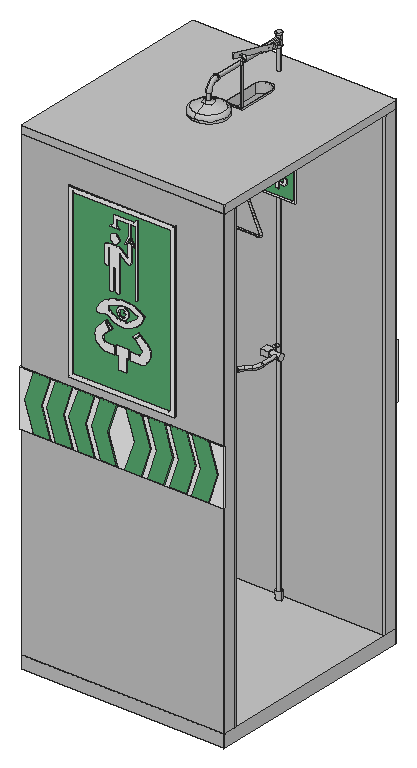
Revit family "Plumbing-Fixturse_Haws-Corporation_8606SS(Final)", category Plumbing Fixtures, Revit 2020
Family settings
  Round Connector Dimension = Use Radius
  Part Type = Normal
  OmniClass Number = 23.45.05.14.17.11
  Work Plane-Based = Yes
  Always vertical = No
  Cut with Voids When Loaded = No
  Shared = No
  Room Calculation Point = No
Parameters (values of type "8606SS")
  Width = 38 3/4"  # constant formula
  Waste Connection = 1 < 2  # yes
  WFU = 1  # constant formula
  Version = 1
  Vent Connection = 3 < 2  # no
  URL = "https://www.hawsco.com/"
  Supply Radius = 1" / 2  # 1/2"
  Sanitary Radius = 2"  # constant formula
  Housing Material = Haws Corporation - Metal - Satin Finish Stainless Steel
  Connector description [instance] = if(Inlet Bottom, "1 NPT(F) Inlet Bottom ", "1 NPT(F) Inlet Top")  # "1 NPT(F) Inlet Top"
  Connector angle [instance] = if(Inlet Bottom, 0.00°, 180.00°)  # 180.00°
  Inlet Top [instance] = not(Inlet Bottom)  # yes
  Pull Rod = Haws Corporation - Metal - High Polished Stainless Steel
  Product data url = "https://www.bimobject.com/hawscorporation/product/haws-8606SS-shower-eye-face-wash"
  Product Page URL = "https://www.hawsco.com/products/8606ss-shower-and-eye-face-wash-in-a-walk-through-stainless-steel-booth/"
  Product Documentation Link = "https://www.hawsco.com/wp-content/uploads/2023/09/8606SS_specsheet.pdf"
  Model = "8606SS"  # constant formula
  Manufacturer = "Haws Corporation"  # constant formula
  Height = 87 1/4"  # constant formula
  HWFU = 0  # constant formula
  HW Connection = 3 < 2  # no
  Flow = 20 GPM  # constant formula
  Description = "Model 8606SS combination shower and eye/face wash walk-through."  # constant formula
  Depth = 36 3/4"  # constant formula
  Default Elevation = 10"
  Date Updated = ""
  Date Created = "2023/09/20"
  Connector offset [instance] = if(Inlet Bottom, 0", 93 183/256")  # 93 183/256"
  Inlet Bottom [instance] = no
  CWFU = 1  # constant formula
  CW Connection = 1 < 2  # yes
Reference planes (in)
  plane 1 "Center (Front/Back)": y = 0
  plane 2: z = 0
  plane 3 "Center (Left/Right)": x = 0
Forms (in)
  Extrusion 1, solid, material "Haws Corporation - Metal - Satin Finish Stainless Steel" <- "Housing Material", detail levels medium+fine
    sketch origin (0, 0, 0) x (1, 0, 0) y (0, 1, 0)
      loop
        arc (-18.03202, 19.37008) -> (-18.24044, 19.28375) -> (-18.32677, 19.07532) r 0.29476
        line (-18.32677, 19.07532) -> (-18.32677, 16.98863)
        arc (-18.32677, 16.98863) -> (-18.24016, 16.77953) -> (-18.03106, 16.69291) r 0.29572
        line (-18.03106, 16.69291) -> (18.03253, 16.69291)
        arc (18.03253, 16.69291) -> (18.24059, 16.77909) -> (18.32677, 16.98715) r 0.29424
        line (18.32677, 16.98715) -> (18.32677, 19.07471)
        arc (18.32677, 19.07471) -> (18.24026, 19.28357) -> (18.03141, 19.37008) r 0.29536
        line (18.03141, 19.37008) -> (-18.03202, 19.37008)
      loop
        arc (-18.03202, -16.69291) -> (-18.24044, -16.77925) -> (-18.32677, -16.98767) r 0.29476
        line (-18.32677, -16.98767) -> (-18.32677, -19.23377)
        arc (-18.32677, -19.23377) -> (-18.28685, -19.33016) -> (-18.19047, -19.37008) r 0.13631
        line (-18.19047, -19.37008) -> (18.18912, -19.37008)
        arc (18.18912, -19.37008) -> (18.28646, -19.32976) -> (18.32677, -19.23243) r 0.13765
        line (18.32677, -19.23243) -> (18.32677, -16.98828)
        arc (18.32677, -16.98828) -> (18.24026, -16.77942) -> (18.03141, -16.69291) r 0.29536
        line (18.03141, -16.69291) -> (-18.03202, -16.69291)
    from 2.3622 to 86.24705
  Extrusion 2, solid, material "Haws Corporation - Metal - Satin Finish Stainless Steel" <- "Housing Material", detail levels medium+fine
    sketch origin (0, 0, 0) x (1, 0, 0) y (0, 1, 0)
      loop
        line (-18.32677, 19.07532) -> (-18.32677, -19.23377)
        arc (-18.32677, -19.23377) -> (-18.28685, -19.33016) -> (-18.19047, -19.37008) r 0.13631
        line (-18.19047, -19.37008) -> (18.18912, -19.37008)
        arc (18.18912, -19.37008) -> (18.28646, -19.32976) -> (18.32677, -19.23243) r 0.13765
        line (18.32677, -19.23243) -> (18.32677, 19.07471)
        arc (18.32677, 19.07471) -> (18.24026, 19.28357) -> (18.03141, 19.37008) r 0.29536
        line (18.03141, 19.37008) -> (-18.03202, 19.37008)
        arc (-18.03202, 19.37008) -> (-18.24044, 19.28375) -> (-18.32677, 19.07532) r 0.29476
    from 86.24705 to 87.625
  Extrusion 3, solid, material "Haws Corporation - Metal - Satin Finish Stainless Steel" <- "Housing Material", detail levels medium+fine
    sketch origin (0, 0, 0) x (1, 0, 0) y (0, 1, 0)
      loop
        line (-18.32677, 19.07532) -> (-18.32677, -19.23377)
        arc (-18.32677, -19.23377) -> (-18.28685, -19.33016) -> (-18.19047, -19.37008) r 0.13631
        line (-18.19047, -19.37008) -> (18.18912, -19.37008)
        arc (18.18912, -19.37008) -> (18.28646, -19.32976) -> (18.32677, -19.23243) r 0.13765
        line (18.32677, -19.23243) -> (18.32677, 19.07471)
        arc (18.32677, 19.07471) -> (18.24026, 19.28357) -> (18.03141, 19.37008) r 0.29536
        line (18.03141, 19.37008) -> (-18.03202, 19.37008)
        arc (-18.03202, 19.37008) -> (-18.24044, 19.28375) -> (-18.32677, 19.07532) r 0.29476
    from 0 to 2.3622
  Revolve 4, solid, material "Haws Corporation - Metal - Satin Finish Stainless Steel" <- "Housing Material"
    sketch origin (0, 0, 5.30217) x (0, 1, 0) y (0, 0, 1)
      loop
        line (0, 80.94488) -> (3.14961, 80.94488) -> (3.14961, 82.62897)
        arc (3.14961, 82.62897) -> (3.01499, 83.06928) -> (2.65717, 83.35904) r 0.7874
        line (2.65717, 83.35904) -> (0.91336, 84.06358)
        arc (0.91336, 84.06358) -> (0.68025, 84.25139) -> (0.59058, 84.53699) r 0.51617
        line (0.59058, 84.53699) -> (0, 84.53699) -> (0, 80.94488)
      axis (0, 84.53699) -> (0, 80.94488)
    angle from 0 to 360
  Extrusion 5, void
    sketch origin (0, 0, 0) x (1, 0, 0) y (0, 1, 0)
      loop
        circle (0, 0) r 3.14961
    from 86.24705 to 87.625
  Extrusion 6, solid, material "Haws Corporation - Metal - Satin Finish Stainless Steel" <- "Housing Material"
    sketch origin (0, 0, 5.30217) x (1, 0, 0) y (0, 1, 0)
      loop
        circle (0, 0) r 0.28906
    from 84.53699 to 85.71809
  Sweep 7, solid, material "Haws Corporation - Metal - Satin Finish Stainless Steel" <- "Housing Material"
    path origin (0, 0, 5.30217) x (0, -1, 0) y (0, 0, 1)
      loop
        arc (0, 85.71809) -> (-0.46125, 86.83165) -> (-1.5748, 87.2929) r 1.5748
    profile origin (0, 0.46125, 92.13381) x (0, 0.707107, -0.707107) y (-1, 0, 0)
      loop
        circle (0, 0) r 0.39453
  Extrusion 8, solid, material "Haws Corporation - Metal - Satin Finish Stainless Steel" <- "Housing Material"
    sketch origin (0, -2.55906, 0) x (1, 0, 0) y (0, 1, 0)
      loop
        circle (0, 18.32302) r 0.28906
    from 3.6465 to 91.4745
  Extrusion 9, solid, material "Haws Corporation - Metal - Satin Finish Stainless Steel" <- "Housing Material"
    sketch origin (-0.00445, 0, 4.93247) x (1, 0, 0) y (0, 0, 1)
      loop
        circle (0.00445, 87.6626) r 0.28906
    from -11.42408 to -1.77165
  Extrusion 10, solid, material "Haws Corporation - Metal - Satin Finish Stainless Steel" <- "Housing Material"
    sketch origin (0, -2.16535, 5.30217) x (1, 0, 0) y (0, 1, 0)
      loop
        circle (0, 17.92932) r 0.39453
    from 86.36918 to 88.21661
  Extrusion 11, solid, material "Haws Corporation - Metal - Satin Finish Stainless Steel" <- "Housing Material"
    sketch origin (0, 0, 5.30217) x (1, 0, 0) y (0, 0, 1)
      loop
        circle (0, 87.2929) r 0.39453
    from -15.76819 to -11.42408
  Extrusion 12, solid, material "Haws Corporation - Metal - Satin Finish Stainless Steel" <- "Housing Material"
    sketch origin (0, -2.16535, 4.55217) x (1, 0, 0) y (0, 1, 0)
      loop
        circle (0, 17.92932) r 0.5
    from 88.96661 to 89.16346
  Extrusion 13, solid, material "Haws Corporation - Metal - Satin Finish Stainless Steel" <- "Housing Material"
    sketch origin (0, -2.16535, 6.05217) x (1, 0, 0) y (0, 1, 0)
      loop
        circle (0, 17.92932) r 0.5
    from 85.42233 to 85.61918
  Extrusion 14, solid, material "Haws Corporation - Metal - Satin Finish Stainless Steel" <- "Housing Material"
    sketch origin (0, 0, 5.30217) x (1, 0, 0) y (0, 0, 1)
      loop
        circle (0, 87.2929) r 0.5
    from -1.77165 to -1.5748
  Extrusion 15, solid, material "Haws Corporation - Metal - Satin Finish Stainless Steel" <- "Housing Material", detail levels medium+fine
    sketch origin (-0.09375, 0, 5.30217) x (1, 0, 0) y (0, 0, 1)
      loop
        line (0.63986, 87.6866) -> (0.49036, 87.6866) -> (0.49036, 86.89919) -> (0.63986, 86.89919) -> (0.63986, 87.6866)
    from -15.02784 to -12.30596
  Extrusion 16, solid, material "Haws Corporation - Metal - Satin Finish Stainless Steel" <- "Housing Material", detail levels medium+fine
    sketch origin (2.56944, 66.84605, 22.11029) x (0, -0.866025, -0.5) y (0, -0.5, 0.866025)
      loop
        arc (17.60455, 93.85978) -> (17.43215, 94.24035) -> (17.05849, 94.42727) r 0.625
        line (17.05849, 94.42727) -> (10.11001, 87.47879)
        arc (10.11001, 87.47879) -> (10.2897, 87.1017) -> (10.66679, 86.92201) r 0.625
        line (10.66679, 86.92201) -> (17.60455, 93.85978)
      loop
        circle (10.85, 87.6455) r 0.15748
      loop
        circle (13.84469, 90.64019) r 0.15625
      loop
        circle (16.31956, 93.11506) r 0.15625
    from 1.7579 to 2.02333
  Extrusion 17, solid, material "Haws Corporation - Metal - Satin Finish Stainless Steel" <- "Housing Material", detail levels fine
    sketch origin (-0.09375, 24.47363, 4.93157) x (0, -1, 0) y (0, 0, 1)
      loop
        line (10.58484, 87.65695) -> (10.71577, 87.43017) -> (10.97764, 87.43017) -> (11.10858, 87.65695) -> (10.97764, 87.88374) -> (10.71577, 87.88374) -> (10.58484, 87.65695)
    from -0.99185 to -0.90529
  Extrusion 18, void
    sketch origin (0, 0, 0) x (1, 0, 0) y (0, 1, 0)
      loop
        line (0, 3.54331) -> (3.14961, 3.54331) -> (3.14961, 10.23622)
        arc (3.14961, 10.23622) -> (1.5748, 11.81102) -> (0, 10.23622) r 1.5748
        line (0, 10.23622) -> (0, 3.54331)
    from 86.24705 to 87.625
  Extrusion 19, solid, material "Haws Corporation - Metal - Satin Finish Stainless Steel" <- "Housing Material", detail levels medium+fine
    sketch origin (0, 0, 5.30217) x (1, 0, 0) y (0, 1, 0)
      loop
        arc (3.14961, 10.23622) -> (1.5748, 11.81102) -> (0, 10.23622) r 1.5748
        line (0, 10.23622) -> (0, 3.54331) -> (3.14961, 3.54331) -> (3.14961, 10.23622)
      loop
        line (0.09875, 10.23622) -> (0.09875, 3.6429) -> (3.0515, 3.6429) -> (3.0515, 10.23622)
        arc (3.0515, 10.23622) -> (1.57513, 11.7126) -> (0.09875, 10.23622) r 1.47638
    from 80.77586 to 82.46483
  Revolve 20, solid, material "Haws Corporation - Metal - Satin Finish Stainless Steel" <- "Housing Material"
    sketch origin (0, 14.21949, 5.59252) x (0, 1, 0) y (0, 0, 1)
      loop
        line (-10.125, 37.32903) -> (-9.7313, 37.32903) -> (-9.7313, 38.51098) -> (-9.01943, 38.51098)
        arc (-9.01943, 38.51098) -> (-8.89224, 38.56366) -> (-8.83956, 38.69085) r 0.17987
        arc (-8.83956, 38.69085) -> (-8.82468, 38.72694) -> (-8.78869, 38.74207) r 0.05122
        arc (-8.78869, 38.74207) -> (-8.7506, 38.75734) -> (-8.7336, 38.79469) r 0.05516
        line (-8.7336, 38.79469) -> (-8.7293, 38.92143)
        spline (-8.7293, 38.92143) -> (-8.72954, 38.92591) -> (-8.73026, 38.9301) -> (-8.73145, 38.934) -> (-8.73313, 38.9376) -> (-8.73528, 38.94092) -> (-8.73792, 38.94393) -> (-8.74103, 38.94666) -> (-8.74462, 38.94909) -> (-8.74869, 38.95123) -> (-8.75323, 38.95308) -> (-8.75826, 38.95463) -> (-8.76376, 38.95589)
        line (-8.76376, 38.95589) -> (-10.125, 38.95589) -> (-10.125, 37.32903)
      axis (-10.125, 37.32903) -> (-10.125, 38.95589)
    angle from 0 to 360
  Revolve 21, solid, material "Haws Corporation - Plastic - Green"
    sketch origin (0, 14.21949, 5.59252) x (0, 1, 0) y (0, 0, 1)
      loop
        line (-8.7887, 38.99862) -> (-8.79377, 39.14277)
        arc (-8.79377, 39.14277) -> (-8.80904, 39.18193) -> (-8.84673, 39.20052) r 0.05806
        line (-8.84673, 39.20052) -> (-9.98376, 39.20052) -> (-9.98376, 39.25) -> (-10.125, 39.25) -> (-10.125, 38.95589) -> (-8.76376, 38.95589)
        arc (-8.76376, 38.95589) -> (-8.78161, 38.97412) -> (-8.7887, 38.99862) r 0.05226
      axis (-10.125, 38.95589) -> (-10.125, 39.25)
    angle from 0 to 360
  Extrusion 22, solid, material "Haws Corporation - Metal - Satin Finish Stainless Steel" <- "Housing Material"
    sketch origin (0, 0, 0) x (1, 0, 0) y (0, 0, 1)
      loop
        circle (0, 43.31609) r 0.28906
    from -15.80414 to -14.8925
  Extrusion 23, solid, material "Haws Corporation - Metal - Satin Finish Stainless Steel" <- "Housing Material"
    sketch origin (0, 0, 0) x (1, 0, 0) y (0, 0, 1)
      loop
        circle (0, 43.31609) r 0.23438
    from -14.8925 to -13.82331
  Extrusion 24, solid, material "Haws Corporation - Metal - Satin Finish Stainless Steel" <- "Housing Material"
    sketch origin (0, 0, 0) x (1, 0, 0) y (0, 0, 1)
      loop
        line (0.73631, 43.80723) -> (-0.64164, 43.80723) -> (-0.64164, 42.82298) -> (0.73631, 42.82298) -> (0.73631, 43.80723)
    from -13.82331 to -12.56373
  Extrusion 25, solid, material "Haws Corporation - Metal - Satin Finish Stainless Steel" <- "Housing Material"
    sketch origin (0, -1.53168, 0) x (0, 1, 0) y (0, 0, 1)
      loop
        circle (14.58274, 43.31511) r 0.49213
    from 0.73631 to 2.61057
  Sweep 26, solid, material "Haws Corporation - Metal - Satin Finish Stainless Steel" <- "Housing Material"
    path origin (0, -1.13798, 0) x (1, 0, 0) y (0, 1, 0)
      loop
        line (1.82317, 14.58274) -> (1.82317, 10.72389)
        arc (1.82317, 10.72389) -> (1.66411, 9.92421) -> (1.21112, 9.24628) r 2.08967
        line (1.21112, 9.24628) -> (0.42899, 8.46414)
        arc (0.42899, 8.46414) -> (0.11149, 7.98897) -> (0, 7.42847) r 1.46466
        line (0, 7.42847) -> (0, 5.17847)
    profile origin (1.82317, 11.51533, 0) x (1, 0, 0) y (0, 0, 1)
      loop
        circle (0, 43.31511) r 0.29495
  Extrusion 27, solid, material "Haws Corporation - Metal - Green", detail levels medium+fine
    sketch origin (0, 16.91388, -0.65357) x (1, 0, 0) y (0, 0, 1)
      loop
        line (-3.3125, 78.70085) -> (-3.3125, 67.95085) -> (3.3125, 67.95085) -> (3.3125, 78.70085) -> (-3.3125, 78.70085)
    from 1.43424 to 1.55849
  Extrusion 28, solid, material "Haws Corporation - Metal - Satin Finish Stainless Steel" <- "Housing Material"
    sketch origin (0, -2.16535, 0) x (1, 0, 0) y (0, 1, 0)
      loop
        circle (0, 17.92932) r 0.5
    from 0 to 3.6465
  Extrusion 29, solid, material "Haws Corporation - Metal - Satin Finish Stainless Steel" <- "Housing Material"
    sketch origin (0, 0, 0) x (1, 0, 0) y (0, 1, 0)
      loop
        circle (0, 0) r 2
    from 0 to 2.3622
  Extrusion 30, void
    sketch origin (0, -2.16535, 0) x (1, 0, 0) y (0, 1, 0)
      loop
        circle (0, 17.92932) r 0.5
    from 0 to 3.25273
  Extrusion 31, solid, material "Haws Corporation - Metal - Satin Finish Stainless Steel" <- "Housing Material", detail levels coarse
    sketch origin (0, 0, 5.30217) x (1, 0, 0) y (0, 1, 0)
      loop
        line (-18.32677, 19.37008) -> (-18.32677, -19.37008) -> (18.32677, -19.37008) -> (18.32677, 19.37008) -> (-18.32677, 19.37008)
    from 80.94488 to 82.32283
  Extrusion 32, solid, material "Haws Corporation - Metal - Satin Finish Stainless Steel" <- "Housing Material", detail levels coarse
    sketch origin (0, 0, 0) x (1, 0, 0) y (0, 1, 0)
      loop
        line (-18.32677, 16.69291) -> (18.32677, 16.69291) -> (18.32677, 19.37008) -> (-18.32677, 19.37008) -> (-18.32677, 16.69291)
      loop
        line (-18.32677, -19.37008) -> (18.32677, -19.37008) -> (18.32677, -16.69291) -> (-18.32677, -16.69291) -> (-18.32677, -19.37008)
    from 2.3622 to 86.24705
  Extrusion 33, solid, material "Haws Corporation - Metal - Satin Finish Stainless Steel" <- "Housing Material", detail levels coarse
    sketch origin (0, 0, 0) x (1, 0, 0) y (0, 1, 0)
      loop
        line (-18.32677, 19.37008) -> (-18.32677, -19.37008) -> (18.32677, -19.37008) -> (18.32677, 19.37008) -> (-18.32677, 19.37008)
    from 2.3622 to 0
  Extrusion 34, void
    sketch origin (0, 0, 0) x (1, 0, 0) y (0, 1, 0)
      loop
        circle (0, 15.76397) r 0.28906
    from 79.72834 to 87.62422
  Extrusion 35, solid, material "Haws Corporation - Metal - Satin Finish Stainless Steel" <- "Housing Material", not visible
    sketch origin (0, 0, 91.46484) x (0, 0, 1) y (-1, 0, 0)
      loop
        line (2.12633, -0.5) -> (2.25, -0.5) -> (2.25, 0.5) -> (2.12633, 0.5) -> (2.12633, -0.5)
    from -16.26383 to -15.26554
  Extrusion 36, solid, material "Haws Corporation - Plastic - White", detail levels medium+fine
    sketch origin (0.58936, -2.05667, 5.91566) x (1, 0, 0) y (0, 0, 1)
      loop
        line (-3.90177, 72.13162) -> (-3.90177, 61.38162) -> (2.72323, 61.38162) -> (2.72323, 72.13162) -> (-3.90177, 72.13162)
      loop
        line (-3.65177, 61.63162) -> (2.47323, 61.63162) -> (2.47323, 71.88162) -> (-3.65177, 71.88162) -> (-3.65177, 61.63162)
      loop
        arc (-0.93302, 71.22537) -> (-0.91471, 71.26957) -> (-0.87052, 71.28787) r 0.0625
        line (-0.87052, 71.28787) -> (-0.13577, 71.28787) -> (-0.13577, 70.58147) -> (-0.4194, 70.08512) -> (-0.21427, 70.08512) -> (-0.21427, 69.38162) -> (-0.66427, 69.71912)
        arc (-0.66427, 69.71912) -> (-0.71748, 69.747) -> (-0.77677, 69.75662) r 0.1875
        line (-0.77677, 69.75662) -> (-1.46427, 69.75662)
        arc (-1.46427, 69.75662) -> (-1.59685, 69.70171) -> (-1.65177, 69.56912) r 0.1875
        line (-1.65177, 69.56912) -> (-1.65177, 68.63162)
        arc (-1.65177, 68.63162) -> (-1.52677, 68.50662) -> (-1.40177, 68.63162) r 0.125
        line (-1.40177, 68.63162) -> (-1.40177, 69.50662) -> (-1.33927, 69.50662) -> (-1.33927, 67.25662)
        arc (-1.33927, 67.25662) -> (-1.21427, 67.13162) -> (-1.08927, 67.25662) r 0.125
        line (-1.08927, 67.25662) -> (-1.08927, 68.50662) -> (-0.96427, 68.50662) -> (-0.96427, 67.25662)
        arc (-0.96427, 67.25662) -> (-0.83927, 67.13162) -> (-0.71427, 67.25662) r 0.125
        line (-0.71427, 67.25662) -> (-0.71427, 69.38162) -> (-0.26427, 69.04412)
        arc (-0.26427, 69.04412) -> (-0.06792, 69.02642) -> (0.03573, 69.19412) r 0.1875
        line (0.03573, 69.19412) -> (0.03573, 70.08512) -> (0.24086, 70.08512) -> (-0.04277, 70.58147) -> (-0.04277, 71.28787) -> (0.28573, 71.28787) -> (0.28573, 67.13162) -> (0.41073, 67.13162) -> (0.41073, 71.63162) -> (0.28573, 71.63162) -> (0.28573, 71.47537) -> (-1.02677, 71.47537)
        arc (-1.02677, 71.47537) -> (-1.09306, 71.44792) -> (-1.12052, 71.38162) r 0.09375
        line (-1.12052, 71.38162) -> (-1.12052, 70.87182)
        arc (-1.12052, 70.87182) -> (-1.2379, 70.82943) -> (-1.33927, 70.75662) r 0.45312
        line (-1.33927, 70.75662) -> (-0.71427, 70.75662)
        arc (-0.71427, 70.75662) -> (-0.81564, 70.82943) -> (-0.93302, 70.87182) r 0.45313
        line (-0.93302, 70.87182) -> (-0.93302, 71.22537)
      loop
        circle (-1.02677, 70.13162) r 0.28125
      loop
        line (-0.08927, 70.4754) -> (-0.25914, 70.17812) -> (-0.2053, 70.17812)
        arc (-0.2053, 70.17812) -> (-0.08927, 70.25662) -> (0.02676, 70.17812) r 0.125
        line (0.02676, 70.17812) -> (0.0806, 70.17812) -> (-0.08927, 70.4754)
      loop
        arc (0.84823, 66.38162) -> (-0.77076, 66.84558) -> (-2.15177, 65.88162) r 1.95937
        arc (-2.15177, 65.88162) -> (-2.09997, 65.69028) -> (-1.90177, 65.69412) r 0.16106
        arc (-1.90177, 65.69412) -> (-1.57035, 65.72624) -> (-1.27677, 65.56912) r 0.57452
        arc (-1.27677, 65.56912) -> (-0.01612, 65.45714) -> (0.84823, 66.38162) r 1.44351
      loop
        arc (0.4698, 66.27985) -> (-0.43173, 66.55965) -> (-1.33882, 66.29842) r 1.64687
        arc (-1.33882, 66.29842) -> (-1.42449, 66.12723) -> (-1.31522, 65.97005) r 0.1875
        arc (-1.31522, 65.97005) -> (-1.19589, 65.90417) -> (-1.08806, 65.82078) r 0.88702
        arc (-1.08806, 65.82078) -> (-0.21196, 65.72057) -> (0.4698, 66.27985) r 1.13101
      loop
        circle (-0.52677, 66.13162) r 0.375
      loop
        arc (-0.36159, 66.29234) -> (-0.7329, 66.02856) -> (-0.29909, 66.16734) r 0.23046
        line (-0.29909, 66.16734) -> (-0.48659, 66.16734) -> (-0.36159, 66.29234)
      loop
        line (-1.17544, 65.04546) -> (-1.51919, 65.38921) -> (-1.60757, 65.30082) -> (-1.26382, 64.95707) -> (-1.17544, 65.04546)
      loop
        line (0.1219, 65.04546) -> (0.21029, 64.95707) -> (0.55404, 65.30082) -> (0.46565, 65.38921) -> (0.1219, 65.04546)
      loop
        line (-1.73473, 64.50761) -> (-1.31874, 64.9236) -> (-1.6723, 65.27715) -> (-2.12693, 64.82251)
        arc (-2.12693, 64.82251) -> (-2.21333, 64.10146) -> (-1.65958, 63.63162) r 0.76691
        line (-1.65958, 63.63162) -> (-1.02677, 63.63162) -> (-1.02677, 64.13162) -> (-1.59292, 64.13162)
        arc (-1.59292, 64.13162) -> (-1.74916, 64.28743) -> (-1.73473, 64.50761) r 0.26691
      loop
        line (-0.90177, 64.19412) -> (-0.90177, 63.63162) -> (-0.77677, 63.63162) -> (-0.77677, 62.88162) -> (-0.27677, 62.88162) -> (-0.27677, 63.63162) -> (-0.15177, 63.63162) -> (-0.15177, 64.19412) -> (-0.90177, 64.19412)
      loop
        arc (0.68119, 64.50761) -> (0.69562, 64.28743) -> (0.53938, 64.13162) r 0.26691
        line (0.53938, 64.13162) -> (-0.02677, 64.13162) -> (-0.02677, 63.63162) -> (0.60604, 63.63162)
        arc (0.60604, 63.63162) -> (1.15979, 64.10146) -> (1.0734, 64.82251) r 0.76691
        line (1.0734, 64.82251) -> (0.61876, 65.27715) -> (0.2652, 64.9236) -> (0.68119, 64.50761)
    from -17.41206 to -17.34749
  Extrusion 37, solid, material "Haws Corporation - Metal - Green", detail levels medium+fine
    sketch origin (0.34662, -1.04331, 0) x (-1, 0, 0) y (0, 0, 1)
      loop
        line (9.85235, 81.11617) -> (-9.14765, 81.11617) -> (-9.14765, 50.36617) -> (9.85235, 50.36617) -> (9.85235, 81.11617)
    from -18.46738 to -18.32677
  Extrusion 38, solid, material "Haws Corporation - Plastic - White", detail levels medium+fine
    sketch origin (0.94081, -38.52042, 4.16566) x (1, 0, 0) y (0, 0, 1)
      loop
        line (-10.44654, 76.95051) -> (-10.44654, 46.12032) -> (8.55346, 46.12032) -> (8.55346, 76.95051) -> (-10.44654, 76.95051)
      loop
        line (-9.72956, 46.8373) -> (7.83648, 46.8373) -> (7.83648, 76.23353) -> (-9.72956, 76.23353) -> (-9.72956, 46.8373)
      loop
        arc (-1.93239, 74.35145) -> (-1.87989, 74.4782) -> (-1.75315, 74.5307) r 0.17925
        line (-1.75315, 74.5307) -> (0.35406, 74.5307) -> (0.35406, 72.50479) -> (-0.45936, 71.0813) -> (0.12893, 71.0813) -> (0.12893, 69.06372) -> (-1.16164, 70.03164)
        arc (-1.16164, 70.03164) -> (-1.31423, 70.11159) -> (-1.48428, 70.13919) r 0.53774
        line (-1.48428, 70.13919) -> (-3.45598, 70.13919)
        arc (-3.45598, 70.13919) -> (-3.83621, 69.98169) -> (-3.99371, 69.60145) r 0.53774
        line (-3.99371, 69.60145) -> (-3.99371, 66.91277)
        arc (-3.99371, 66.91277) -> (-3.63522, 66.55428) -> (-3.27673, 66.91277) r 0.35849
        line (-3.27673, 66.91277) -> (-3.27673, 69.42221) -> (-3.09749, 69.42221) -> (-3.09749, 62.96938)
        arc (-3.09749, 62.96938) -> (-2.73899, 62.61089) -> (-2.3805, 62.96938) r 0.35849
        line (-2.3805, 62.96938) -> (-2.3805, 66.55428) -> (-2.02201, 66.55428) -> (-2.02201, 62.96938)
        arc (-2.02201, 62.96938) -> (-1.66352, 62.61089) -> (-1.30503, 62.96938) r 0.35849
        line (-1.30503, 62.96938) -> (-1.30503, 69.06372) -> (-0.01447, 68.09579)
        arc (-0.01447, 68.09579) -> (0.54866, 68.04502) -> (0.84591, 68.52598) r 0.53774
        line (0.84591, 68.52598) -> (0.84591, 71.0813) -> (1.4342, 71.0813) -> (0.62078, 72.50479) -> (0.62078, 74.5307) -> (1.56289, 74.5307) -> (1.56289, 62.61089) -> (1.92138, 62.61089) -> (1.92138, 75.51655) -> (1.56289, 75.51655) -> (1.56289, 75.06843) -> (-2.20126, 75.06843)
        arc (-2.20126, 75.06843) -> (-2.39138, 74.98968) -> (-2.47013, 74.79957) r 0.26887
        line (-2.47013, 74.79957) -> (-2.47013, 73.33749)
        arc (-2.47013, 73.33749) -> (-2.80677, 73.21591) -> (-3.09749, 73.00711) r 1.29953
        line (-3.09749, 73.00711) -> (-1.30503, 73.00711)
        arc (-1.30503, 73.00711) -> (-1.59574, 73.21591) -> (-1.93239, 73.33749) r 1.29953
        line (-1.93239, 73.33749) -> (-1.93239, 74.35145)
      loop
        circle (-2.20126, 71.21466) r 0.8066
      loop
        line (0.48742, 72.20059) -> (0.00024, 71.34802) -> (0.15466, 71.34802)
        arc (0.15466, 71.34802) -> (0.48742, 71.57315) -> (0.82018, 71.34802) r 0.35849
        line (0.82018, 71.34802) -> (0.9746, 71.34802) -> (0.48742, 72.20059)
      loop
        arc (3.1761, 60.45994) -> (-1.46705, 61.79053) -> (-5.42767, 59.02598) r 5.61931
        arc (-5.42767, 59.02598) -> (-5.27911, 58.47721) -> (-4.71069, 58.48825) r 0.4619
        arc (-4.71069, 58.48825) -> (-3.7602, 58.58036) -> (-2.91824, 58.12976) r 1.64769
        arc (-2.91824, 58.12976) -> (0.6972, 57.8086) -> (3.1761, 60.45994) r 4.13986
      loop
        arc (2.0908, 60.16806) -> (-0.49474, 60.97052) -> (-3.09621, 60.22133) r 4.72308
        arc (-3.09621, 60.22133) -> (-3.3419, 59.73036) -> (-3.02852, 59.27959) r 0.53774
        arc (-3.02852, 59.27959) -> (-2.68629, 59.09064) -> (-2.37705, 58.85149) r 2.54392
        arc (-2.37705, 58.85149) -> (0.13554, 58.56409) -> (2.0908, 60.16806) r 3.24364
      loop
        circle (-0.7673, 59.74296) r 1.07547
      loop
        arc (-0.29358, 60.20388) -> (-1.35847, 59.44738) -> (-0.11433, 59.84539) r 0.66095
        line (-0.11433, 59.84539) -> (-0.65207, 59.84539) -> (-0.29358, 60.20388)
      loop
        line (-2.62763, 56.62792) -> (-3.61348, 57.61377) -> (-3.86697, 57.36027) -> (-2.88112, 56.37443) -> (-2.62763, 56.62792)
      loop
        line (1.09303, 56.62792) -> (1.34652, 56.37443) -> (2.33237, 57.36027) -> (2.07888, 57.61377) -> (1.09303, 56.62792)
      loop
        line (-4.23164, 55.08541) -> (-3.03862, 56.27843) -> (-4.05258, 57.2924) -> (-5.35645, 55.98853)
        arc (-5.35645, 55.98853) -> (-5.60422, 53.9206) -> (-4.01612, 52.57315) r 2.19944
        line (-4.01612, 52.57315) -> (-2.20126, 52.57315) -> (-2.20126, 54.00711) -> (-3.82493, 54.00711)
        arc (-3.82493, 54.00711) -> (-4.27303, 54.45395) -> (-4.23164, 55.08541) r 0.76548
      loop
        line (-1.84277, 54.18636) -> (-1.84277, 52.57315) -> (-1.48428, 52.57315) -> (-1.48428, 50.42221) -> (-0.05032, 50.42221) -> (-0.05032, 52.57315) -> (0.30817, 52.57315) -> (0.30817, 54.18636) -> (-1.84277, 54.18636)
      loop
        arc (2.69704, 55.08541) -> (2.73843, 54.45395) -> (2.29033, 54.00711) r 0.76548
        line (2.29033, 54.00711) -> (0.66667, 54.00711) -> (0.66667, 52.57315) -> (2.48152, 52.57315)
        arc (2.48152, 52.57315) -> (4.06963, 53.9206) -> (3.82186, 55.98853) r 2.19944
        line (3.82186, 55.98853) -> (2.51799, 57.2924) -> (1.50402, 56.27843) -> (2.69704, 55.08541)
    from -19.00973 to -18.97317
  Extrusion 39, solid, material "Haws Corporation - Plastic - White", detail levels medium+fine
    sketch origin (-0.95227, 45.42346, 4.16566) x (-1, 0, 0) y (0, 0, 1)
      loop
        line (-10.44654, 76.95051) -> (-10.44654, 46.12032) -> (8.55346, 46.12032) -> (8.55346, 76.95051) -> (-10.44654, 76.95051)
      loop
        line (-9.72956, 46.8373) -> (7.83648, 46.8373) -> (7.83648, 76.23353) -> (-9.72956, 76.23353) -> (-9.72956, 46.8373)
      loop
        arc (-1.93239, 74.35145) -> (-1.87989, 74.4782) -> (-1.75315, 74.5307) r 0.17925
        line (-1.75315, 74.5307) -> (0.35406, 74.5307) -> (0.35406, 72.50479) -> (-0.45936, 71.0813) -> (0.12893, 71.0813) -> (0.12893, 69.06372) -> (-1.16164, 70.03164)
        arc (-1.16164, 70.03164) -> (-1.31423, 70.11159) -> (-1.48428, 70.13919) r 0.53774
        line (-1.48428, 70.13919) -> (-3.45598, 70.13919)
        arc (-3.45598, 70.13919) -> (-3.83621, 69.98169) -> (-3.99371, 69.60145) r 0.53774
        line (-3.99371, 69.60145) -> (-3.99371, 66.91277)
        arc (-3.99371, 66.91277) -> (-3.63522, 66.55428) -> (-3.27673, 66.91277) r 0.35849
        line (-3.27673, 66.91277) -> (-3.27673, 69.42221) -> (-3.09749, 69.42221) -> (-3.09749, 62.96938)
        arc (-3.09749, 62.96938) -> (-2.73899, 62.61089) -> (-2.3805, 62.96938) r 0.35849
        line (-2.3805, 62.96938) -> (-2.3805, 66.55428) -> (-2.02201, 66.55428) -> (-2.02201, 62.96938)
        arc (-2.02201, 62.96938) -> (-1.66352, 62.61089) -> (-1.30503, 62.96938) r 0.35849
        line (-1.30503, 62.96938) -> (-1.30503, 69.06372) -> (-0.01447, 68.09579)
        arc (-0.01447, 68.09579) -> (0.54866, 68.04502) -> (0.84591, 68.52598) r 0.53774
        line (0.84591, 68.52598) -> (0.84591, 71.0813) -> (1.4342, 71.0813) -> (0.62078, 72.50479) -> (0.62078, 74.5307) -> (1.56289, 74.5307) -> (1.56289, 62.61089) -> (1.92138, 62.61089) -> (1.92138, 75.51655) -> (1.56289, 75.51655) -> (1.56289, 75.06843) -> (-2.20126, 75.06843)
        arc (-2.20126, 75.06843) -> (-2.39138, 74.98968) -> (-2.47013, 74.79957) r 0.26887
        line (-2.47013, 74.79957) -> (-2.47013, 73.33749)
        arc (-2.47013, 73.33749) -> (-2.80677, 73.21591) -> (-3.09749, 73.00711) r 1.29953
        line (-3.09749, 73.00711) -> (-1.30503, 73.00711)
        arc (-1.30503, 73.00711) -> (-1.59574, 73.21591) -> (-1.93239, 73.33749) r 1.29953
        line (-1.93239, 73.33749) -> (-1.93239, 74.35145)
      loop
        circle (-2.20126, 71.21466) r 0.8066
      loop
        line (0.48742, 72.20059) -> (0.00024, 71.34802) -> (0.15466, 71.34802)
        arc (0.15466, 71.34802) -> (0.48742, 71.57315) -> (0.82018, 71.34802) r 0.35849
        line (0.82018, 71.34802) -> (0.9746, 71.34802) -> (0.48742, 72.20059)
      loop
        arc (3.1761, 60.45994) -> (-1.46705, 61.79053) -> (-5.42767, 59.02598) r 5.61931
        arc (-5.42767, 59.02598) -> (-5.27911, 58.47721) -> (-4.71069, 58.48825) r 0.4619
        arc (-4.71069, 58.48825) -> (-3.7602, 58.58036) -> (-2.91824, 58.12976) r 1.64769
        arc (-2.91824, 58.12976) -> (0.6972, 57.8086) -> (3.1761, 60.45994) r 4.13986
      loop
        arc (2.0908, 60.16806) -> (-0.49474, 60.97052) -> (-3.09621, 60.22133) r 4.72308
        arc (-3.09621, 60.22133) -> (-3.3419, 59.73036) -> (-3.02852, 59.27959) r 0.53774
        arc (-3.02852, 59.27959) -> (-2.68629, 59.09064) -> (-2.37705, 58.85149) r 2.54392
        arc (-2.37705, 58.85149) -> (0.13554, 58.56409) -> (2.0908, 60.16806) r 3.24364
      loop
        circle (-0.7673, 59.74296) r 1.07547
      loop
        arc (-0.29358, 60.20388) -> (-1.35847, 59.44738) -> (-0.11433, 59.84539) r 0.66095
        line (-0.11433, 59.84539) -> (-0.65207, 59.84539) -> (-0.29358, 60.20388)
      loop
        line (-2.62763, 56.62792) -> (-3.61348, 57.61377) -> (-3.86697, 57.36027) -> (-2.88112, 56.37443) -> (-2.62763, 56.62792)
      loop
        line (1.09303, 56.62792) -> (1.34652, 56.37443) -> (2.33237, 57.36027) -> (2.07888, 57.61377) -> (1.09303, 56.62792)
      loop
        line (-4.23164, 55.08541) -> (-3.03862, 56.27843) -> (-4.05258, 57.2924) -> (-5.35645, 55.98853)
        arc (-5.35645, 55.98853) -> (-5.60422, 53.9206) -> (-4.01612, 52.57315) r 2.19944
        line (-4.01612, 52.57315) -> (-2.20126, 52.57315) -> (-2.20126, 54.00711) -> (-3.82493, 54.00711)
        arc (-3.82493, 54.00711) -> (-4.27303, 54.45395) -> (-4.23164, 55.08541) r 0.76548
      loop
        line (-1.84277, 54.18636) -> (-1.84277, 52.57315) -> (-1.48428, 52.57315) -> (-1.48428, 50.42221) -> (-0.05032, 50.42221) -> (-0.05032, 52.57315) -> (0.30817, 52.57315) -> (0.30817, 54.18636) -> (-1.84277, 54.18636)
      loop
        arc (2.69704, 55.08541) -> (2.73843, 54.45395) -> (2.29033, 54.00711) r 0.76548
        line (2.29033, 54.00711) -> (0.66667, 54.00711) -> (0.66667, 52.57315) -> (2.48152, 52.57315)
        arc (2.48152, 52.57315) -> (4.06963, 53.9206) -> (3.82186, 55.98853) r 2.19944
        line (3.82186, 55.98853) -> (2.51799, 57.2924) -> (1.50402, 56.27843) -> (2.69704, 55.08541)
    from -25.93882 to -25.89951
  Extrusion 40, solid, material "Haws Corporation - Metal - Green", detail levels medium+fine
    sketch origin (0.34662, 1.04331, 0) x (-1, 0, 0) y (0, 0, 1)
      loop
        line (9.85235, 81.11617) -> (-9.14765, 81.11617) -> (-9.14765, 50.36617) -> (9.85235, 50.36617) -> (9.85235, 81.11617)
    from 18.44133 to 18.32677
  Extrusion 41, solid, material "Haws Corporation - Plastic - White", detail levels medium+fine
    sketch origin (0.01653, -1.04266, 0) x (1, 0.00045, 0) y (0, 0, 1)
      loop
        line (18.30196, 48.79294) -> (-18.35158, 48.79294) -> (-18.35158, 38.79362) -> (18.30196, 38.79362) -> (18.30196, 48.79294)
    from 18.32677 to 18.46801
  Extrusion 42, solid, material "Haws Corporation - Metal - Green", detail levels medium+fine
    sketch origin (-0.22604, -0.86298, 0) x (1, 0.00045, 0) y (0, 0, 1)
      loop
        line (-0.62992, 48.79294) -> (-3.62992, 48.79294) -> (-5.25441, 43.79328) -> (-3.62992, 38.79362) -> (-0.62992, 38.79362) -> (-2.25441, 43.79328) -> (-0.62992, 48.79294)
      loop
        line (-4.62992, 48.79294) -> (-7.62992, 48.79294) -> (-9.25441, 43.79328) -> (-7.62992, 38.79362) -> (-4.62992, 38.79362) -> (-6.25441, 43.79328) -> (-4.62992, 48.79294)
      loop
        line (-8.62992, 48.79294) -> (-11.62992, 48.79294) -> (-13.25441, 43.79328) -> (-11.62992, 38.79362) -> (-8.62992, 38.79362) -> (-10.25441, 43.79328) -> (-8.62992, 48.79294)
      loop
        line (-12.62992, 48.79294) -> (-15.62992, 48.79294) -> (-17.25441, 43.79328) -> (-15.62992, 38.79362) -> (-12.62992, 38.79362) -> (-14.25441, 43.79328) -> (-12.62992, 48.79294)
      loop
        line (0.82367, 38.79466) -> (3.82367, 38.79257) -> (5.46036, 43.8179) -> (3.84803, 48.7919) -> (0.84803, 48.79398) -> (2.46036, 43.81998) -> (0.82367, 38.79466)
      loop
        line (4.82458, 38.79467) -> (7.82458, 38.79259) -> (9.46036, 43.81512) -> (7.84712, 48.7919) -> (4.84713, 48.79398) -> (6.46036, 43.8172) -> (4.82458, 38.79467)
      loop
        line (8.82548, 38.79467) -> (11.82548, 38.79259) -> (13.46035, 43.81234) -> (11.84622, 48.7919) -> (8.84622, 48.79398) -> (10.46035, 43.81443) -> (8.82548, 38.79467)
      loop
        line (12.82638, 38.79467) -> (15.82638, 38.79259) -> (17.46035, 43.80957) -> (15.84532, 48.7919) -> (12.84532, 48.79398) -> (14.46035, 43.81165) -> (12.82638, 38.79467)
    from 18.64708 to 18.68511
  Extrusion 43, solid, material "Haws Corporation - Plastic - White", detail levels medium+fine
    sketch origin (-0.01653, 1.0499, 0) x (-1, -0.00045, 0) y (0, 0, 1)
      loop
        line (18.30196, 48.79294) -> (-18.35158, 48.79294) -> (-18.35158, 38.79362) -> (18.30196, 38.79362) -> (18.30196, 48.79294)
    from 18.32677 to 18.46801
  Extrusion 44, solid, material "Haws Corporation - Metal - Green", detail levels medium+fine
    sketch origin (-0.00834, 0.87022, -0.03125) x (-1, -0.00045, 0) y (0, 0, 1)
      loop
        line (-0.61977, 48.82419) -> (-3.61977, 48.82419) -> (-5.25441, 43.79328) -> (-3.63957, 38.82333) -> (-0.63957, 38.82333) -> (-2.25441, 43.79328) -> (-0.61977, 48.82419)
      loop
        line (-4.61977, 48.82419) -> (-7.61977, 48.82419) -> (-9.25441, 43.79328) -> (-7.63957, 38.82333) -> (-4.63957, 38.82333) -> (-6.25441, 43.79328) -> (-4.61977, 48.82419)
      loop
        line (-8.61977, 48.82419) -> (-11.61977, 48.82419) -> (-13.25441, 43.79328) -> (-11.64008, 38.82487) -> (-8.64008, 38.82487) -> (-10.25441, 43.79328) -> (-8.61977, 48.82419)
      loop
        line (-12.61977, 48.82419) -> (-15.61977, 48.82419) -> (-17.25441, 43.79328) -> (-15.64008, 38.82487) -> (-12.64008, 38.82487) -> (-14.25441, 43.79328) -> (-12.61977, 48.82419)
      loop
        line (0.8324, 38.82145) -> (3.8324, 38.81937) -> (5.46036, 43.8179) -> (3.83934, 48.81869) -> (0.83935, 48.82077) -> (2.46036, 43.81998) -> (0.8324, 38.82145)
      loop
        line (4.8324, 38.81867) -> (7.8324, 38.81659) -> (9.46036, 43.81512) -> (7.83934, 48.81591) -> (4.83934, 48.81799) -> (6.46036, 43.8172) -> (4.8324, 38.81867)
      loop
        line (8.8324, 38.8159) -> (11.83239, 38.81381) -> (13.46035, 43.81234) -> (11.83934, 48.81313) -> (8.83934, 48.81521) -> (10.46035, 43.81443) -> (8.8324, 38.8159)
      loop
        line (12.83239, 38.81312) -> (15.83239, 38.81103) -> (17.46035, 43.80957) -> (15.83934, 48.81035) -> (12.83934, 48.81244) -> (14.46035, 43.81165) -> (12.83239, 38.81312)
    from 18.64708 to 18.68511
Cuts and joins
  Extrusion 5, Extrusion 18, Extrusion 30, Extrusion 34 cuts Extrusion 2
  Extrusion 5, Extrusion 18, Extrusion 30 cuts Extrusion 3
  joined: Extrusion 2, Extrusion 3
  joined: Revolve 20, Extrusion 25, Sweep 26
  Extrusion 30 cuts Extrusion 8
  Extrusion 30 cuts Extrusion 29
  Extrusion 5, Extrusion 34 cuts Extrusion 31
  Extrusion 30 cuts Extrusion 33
  joined: Extrusion 31, Extrusion 33
  Extrusion 34 cuts Extrusion 28
  Extrusion 18, Extrusion 30 cuts Extrusion 1
Lines and regions (in)
  Masking region 1, detail levels medium+fine
    outline origin (0, 0, 0) x (1, 0, 0) y (0, 1, 0)
      loop
        arc (-18.03202, 19.37008) -> (-18.24044, 19.28375) -> (-18.32677, 19.07532) r 0.29476
        line (-18.32677, 19.07532) -> (-18.32677, -19.23377)
        arc (-18.32677, -19.23377) -> (-18.28685, -19.33016) -> (-18.19047, -19.37008) r 0.13631
        line (-18.19047, -19.37008) -> (18.18912, -19.37008)
        arc (18.18912, -19.37008) -> (18.28646, -19.32976) -> (18.32677, -19.23243) r 0.13765
        line (18.32677, -19.23243) -> (18.32677, 19.07471)
        arc (18.32677, 19.07471) -> (18.24026, 19.28357) -> (18.03141, 19.37008) r 0.29536
        line (18.03141, 19.37008) -> (-18.03202, 19.37008)
  Masking region 2, detail levels coarse
    outline origin (0, 0, 0) x (1, 0, 0) y (0, 1, 0)
      loop
        line (18.32677, 19.37008) -> (-18.32677, 19.37008) -> (-18.32677, -19.37008) -> (18.32677, -19.37008) -> (18.32677, 19.37008)
  Masking region 3
    outline origin (-0.00043, 0, 0) x (1, 0, 0) y (0, 0, 1)
      loop
        line (-0.94884, 89.34891) -> (-2.70831, 88.63804)
        arc (-2.70831, 88.63804) -> (-3.03021, 88.3482) -> (-3.14961, 87.93181) r 0.78575
        line (-3.14961, 87.93181) -> (-3.14961, 87.62422) -> (-18.32677, 87.62422) -> (-18.32677, 0) -> (18.32677, 0) -> (18.32677, 87.62422) -> (3.14961, 87.62422) -> (3.14961, 87.93181)
        arc (3.14961, 87.93181) -> (3.03021, 88.3482) -> (2.70831, 88.63804) r 0.78575
        line (2.70831, 88.63804) -> (0.94884, 89.34891)
        arc (0.94884, 89.34891) -> (0.7, 89.54262) -> (0.59058, 89.83837) r 0.57558
        line (0.59058, 89.83837) -> (0.5, 89.83837) -> (0.5, 90.72372) -> (0.59055, 90.72372) -> (0.59055, 90.92057) -> (0.5, 90.92057) -> (0.5, 92.28003)
        arc (0.5, 92.28003) -> (0.59055, 92.59428) -> (0.5, 92.90853) r 0.59055
        line (0.5, 92.90853) -> (0.5, 94.26799) -> (0.59055, 94.26799) -> (0.59055, 94.46484) -> (-0.59055, 94.46484) -> (-0.59055, 94.26799) -> (-0.5, 94.26799) -> (-0.5, 92.90853)
        arc (-0.5, 92.90853) -> (-0.59055, 92.59468) -> (-0.50042, 92.28071) r 0.59055
        line (-0.50042, 92.28071) -> (-0.50042, 90.92057) -> (-0.59055, 90.92057) -> (-0.59055, 90.72372) -> (-0.5, 90.72372) -> (-0.5, 89.83837) -> (-0.59058, 89.83837)
        arc (-0.59058, 89.83837) -> (-0.7, 89.54262) -> (-0.94884, 89.34891) r 0.57558
  Masking region 4
    outline origin (0, 0, 0) x (0, 1, 0) y (0, 0, 1)
      loop
        line (16.27014, 93.71562) -> (15.27014, 93.71562) -> (15.27014, 93.51877) -> (15.37566, 93.51877) -> (15.37566, 92.98781) -> (12.36442, 92.98781) -> (12.36442, 92.8832) -> (1.77293, 92.8832) -> (1.77293, 93.09411) -> (1.57608, 93.09411) -> (1.57608, 92.98873)
        arc (1.57608, 92.98873) -> (0.18349, 92.4119) -> (-0.39334, 91.0193) r 1.96942
        line (-0.39334, 91.0193) -> (-0.28551, 91.0193) -> (-0.28551, 89.8382) -> (-0.5893, 89.8382)
        arc (-0.5893, 89.8382) -> (-0.65899, 89.56332) -> (-0.87646, 89.38133) r 0.46071
        line (-0.87646, 89.38133) -> (-2.66557, 88.65848)
        arc (-2.66557, 88.65848) -> (-3.00755, 88.38687) -> (-3.14704, 87.97303) r 0.77076
        line (-3.14704, 87.97303) -> (-3.14704, 87.62405) -> (-19.37008, 87.62405) -> (-19.37008, 0) -> (19.37008, 0) -> (19.37008, 87.62405) -> (16.05926, 87.62405) -> (16.05926, 91.47354) -> (16.27014, 91.47354) -> (16.27014, 91.67039) -> (16.15955, 91.67039) -> (16.15955, 93.51877) -> (16.27014, 93.51877) -> (16.27014, 93.71562)
      loop
        line (12.36442, 92.30523) -> (1.77293, 92.30523) -> (1.77293, 92.09411) -> (1.57608, 92.09411) -> (1.57608, 92.19957)
        arc (1.57608, 92.19957) -> (0.74151, 91.85388) -> (0.39581, 91.0193) r 1.18027
        line (0.39581, 91.0193) -> (0.28984, 91.0193) -> (0.28984, 89.8382) -> (0.59186, 89.8382)
        arc (0.59186, 89.8382) -> (0.66155, 89.56332) -> (0.87902, 89.38133) r 0.46071
        line (0.87902, 89.38133) -> (2.66813, 88.65848)
        arc (2.66813, 88.65848) -> (3.01011, 88.38687) -> (3.14961, 87.97303) r 0.77076
        line (3.14961, 87.97303) -> (3.14961, 87.62405) -> (15.48249, 87.62405) -> (15.48249, 91.47354) -> (15.27014, 91.47354) -> (15.27014, 91.67039) -> (15.37566, 91.67039) -> (15.37566, 92.19957) -> (12.36442, 92.19957) -> (12.36442, 92.30523)
  Masking region 5
    outline origin (0, 0, 0) x (0, 1, 0) y (0, 0, 1)
      loop
        line (14.35113, 92.81414) -> (4.85932, 95.35746)
        arc (4.85932, 95.35746) -> (4.62919, 95.00875) -> (4.67017, 94.59296) r 0.625
        line (4.67017, 94.59296) -> (14.14733, 92.05357)
        arc (14.14733, 92.05357) -> (14.38406, 92.39772) -> (14.35113, 92.81414) r 0.625
  Masking region 6
    outline origin (0, 0, 0) x (0, 1, 0) y (0, 0, 1)
      loop
        arc (6.28767, 94.59567) -> (6.16267, 94.72067) -> (6.03767, 94.59567) r 0.125
        line (6.03767, 94.59567) -> (6.03767, 66.31826) -> (6.28767, 66.31826) -> (6.28767, 94.59567)
  Masking region 7, detail levels medium+fine
    outline origin (0, 0, 0) x (0, 1, 0) y (0, 0, 1)
      loop
        line (11.81102, 87.767) -> (3.54331, 87.767) -> (3.54331, 87.62405) -> (11.81102, 87.62405) -> (11.81102, 87.767)
  symbolic lines, detail levels coarse
    curve 1: line (18.32677, 19.37008, 0) -> (-18.32677, 19.37008, 0)
    curve 2: line (-18.32677, 19.37008, 0) -> (-18.32677, -19.37008, 0)
    curve 3: line (-18.32677, -19.37008, 0) -> (18.32677, -19.37008, 0)
    curve 4: line (18.32677, -19.37008, 0) -> (18.32677, 19.37008, 0)
  symbolic lines, detail levels medium+fine
    curve 5: arc (18.18912, -19.37008, 0) -> (18.28646, -19.32976, 0) -> (18.32677, -19.23243, 0) r 0.13765
    curve 6: line (18.32677, -19.23243, 0) -> (18.32677, 19.07471, 0)
    curve 7: arc (18.32677, 19.07471, 0) -> (18.24026, 19.28357, 0) -> (18.03141, 19.37008, 0) r 0.29536
    curve 8: line (18.03141, 19.37008, 0) -> (-18.03202, 19.37008, 0)
    curve 9: arc (-18.03202, 19.37008, 0) -> (-18.24044, 19.28375, 0) -> (-18.32677, 19.07532, 0) r 0.29476
    curve 10: arc (-18.32677, -19.23377, 0) -> (-18.28685, -19.33016, 0) -> (-18.19047, -19.37008, 0) r 0.13631
    curve 11: line (-18.32677, 19.07532, 0) -> (-18.32677, -19.23377, 0)
    curve 12: line (-18.19047, -19.37008, 0) -> (18.18912, -19.37008, 0)
    curve 13: arc (3.15066, -0.01414, 0) -> (0.00106, 3.13547, 0) -> (-3.14855, -0.01414, 0) r 3.14961
    curve 14: arc (-3.14855, -0.01414, 0) -> (0.00106, -3.16374, 0) -> (3.15066, -0.01414, 0) r 3.14961
    curve 15: arc (-0.49894, 15.76077, 0) -> (0.00106, 15.26077, 0) -> (0.50106, 15.76077, 0) r 0.5
    curve 16: arc (0.50106, 15.76077, 0) -> (0.00106, 16.26077, 0) -> (-0.49894, 15.76077, 0) r 0.5
    curve 17: line (0.90635, 6.76211, 0) -> (0.90635, 16.55657, 0)
    curve 18: line (0.64091, 16.55657, 0) -> (0.64091, 6.76211, 0)
    curve 19: line (0.49141, 14.05657, 0) -> (0.49141, 12.37538, 0)
    curve 20: line (0.49141, 14.05657, 0) -> (0.64091, 14.05657, 0)
    curve 21: line (0.49141, 12.37538, 0) -> (0.64091, 12.37538, 0)
    curve 22: line (0.64091, 16.55657, 0) -> (0.90635, 16.55657, 0)
    curve 23: line (0.64091, 6.76211, 0) -> (0.90635, 6.76211, 0)
    curve 24: line (-0.29509, 13.82331, 0) -> (-0.29509, 15.3579, 0)
    curve 25: line (0.2972, 13.82331, 0) -> (0.2972, 15.3579, 0)
    curve 26: line (-0.29509, 13.82331, 0) -> (-0.49194, 13.82331, 0)
    curve 27: line (-0.49194, 13.82331, 0) -> (-0.49194, 12.56373, 0)
    curve 28: line (-0.49194, 12.56373, 0) -> (-0.39265, 12.56373, 0)
    curve 29: line (-0.39265, 12.56373, 0) -> (-0.39265, 1.75752, 0)
    curve 30: line (-0.39265, 1.75752, 0) -> (-0.5895, 1.75752, 0)
    curve 31: line (-0.5895, 1.75752, 0) -> (-0.5895, 1.56067, 0)
    curve 32: line (-0.5895, 1.56067, 0) -> (-0.49156, 1.56067, 0)
    curve 33: line (-0.49156, 1.56067, 0) -> (-0.49156, 0.31162, 0)
    curve 34: line (0.49367, 0.31162, 0) -> (0.49367, 1.56067, 0)
    curve 35: line (0.49367, 1.56067, 0) -> (0.59161, 1.56067, 0)
    curve 36: line (0.59161, 1.56067, 0) -> (0.59161, 1.75752, 0)
    curve 37: line (0.59161, 1.75752, 0) -> (0.39476, 1.75752, 0)
    curve 38: line (0.39476, 1.75752, 0) -> (0.39476, 12.56373, 0)
    curve 39: line (0.39476, 12.56373, 0) -> (0.49141, 12.56373, 0)
    curve 40: line (0.2972, 13.82331, 0) -> (0.49141, 13.82331, 0)
    curve 41: arc (0.00106, -0.60471, 0) -> (-0.58952, -0.01414, 0) -> (0.00106, 0.57644, 0) r 0.59058
    curve 42: arc (0.00106, 0.57644, 0) -> (0.59163, -0.01414, 0) -> (0.00106, -0.60471, 0) r 0.59058
    curve 81: line (0, 14.3573, 92.81318) -> (0, 4.8655, 95.35651)
    curve 82: line (0, 4.67635, 94.59201) -> (0, 14.15351, 92.05261)
    curve 83: arc (0, 4.67635, 94.59201) -> (0, 4.63536, 95.0078) -> (0, 4.8655, 95.35651) r 0.625
    curve 84: arc (0, 14.3573, 92.81318) -> (0, 14.39024, 92.39677) -> (0, 14.15351, 92.05261) r 0.625
    curve 89: line (0, 11.81102, 87.76604) -> (0, 3.54459, 87.76604)
    curve 121: arc (0, 6.28767, 94.59567) -> (0, 6.16267, 94.72067) -> (0, 6.03767, 94.59567) r 0.125
    curve 122: line (0, 6.28767, 94.59567) -> (0, 6.28767, 87.76604)
    curve 123: line (0, 6.03767, 94.59567) -> (0, 6.03767, 87.76604)
    curve 124: line (0, 3.54459, 87.76604) -> (0, 3.54459, 87.62405)
    curve 168: arc (0, 2.76326, 44.73529) -> (0, 2.78017, 44.77612) -> (0, 2.821, 44.79304) r 0.05774
    curve 169: line (0, 2.76326, 44.73529) -> (0, 2.75818, 44.59003)
    curve 170: arc (0, 2.75818, 44.59003) -> (0, 2.75108, 44.566) -> (0, 2.73325, 44.54841) r 0.05015
    curve 171: arc (0, 2.69879, 44.51395) -> (0, 2.70888, 44.53832) -> (0, 2.73325, 44.54841) r 0.03446
    curve 172: arc (0, 2.70309, 44.38721) -> (0, 2.7185, 44.35) -> (0, 2.75571, 44.33459) r 0.05262
    curve 173: arc (0, 2.75571, 44.33459) -> (0, 2.79286, 44.3192) -> (0, 2.80826, 44.28204) r 0.05255
    curve 174: arc (0, 2.80826, 44.28204) -> (0, 2.86055, 44.15579) -> (0, 2.9868, 44.1035) r 0.17855
    curve 175: line (0, 2.69879, 44.51395) -> (0, 2.70309, 44.38721)
    curve 176: line (0, 15.35539, 78.04728) -> (0, 15.35539, 67.29728)
    curve 177: line (0, 15.35539, 78.04728) -> (0, 15.48249, 78.04728)
    curve 178: line (0, 15.35539, 67.29728) -> (0, 15.48249, 67.29728)
    curve 179: line (0, 11.81102, 87.767) -> (0, 11.81102, 87.62405)
    curve 180: line (0, 11.81102, 86.24705) -> (0, 11.81102, 86)
    curve 181: line (0, 6.28767, 86) -> (0, 6.28767, 66.31826)
    curve 182: line (0, 6.03767, 86) -> (0, 6.03767, 66.31826)
    curve 183: line (0, 6.28767, 66.31826) -> (0, 6.03767, 66.31826)
    curve 184: line (0, 11.81102, 86) -> (0, 3.56102, 86)
    curve 185: line (0, 3.56102, 86) -> (0, 3.56102, 86.24705)
    curve 186: line (18.3268, 0, 48.79294) -> (-18.3268, 0, 48.79294)
    curve 187: line (-18.3268, 0, 38.79362) -> (18.3268, 0, 38.79362)
    curve 188: line (-9.50573, 0, 81.11617) -> (-9.50573, 0, 50.28598)
    curve 189: line (9.49427, 0, 81.11617) -> (-9.50573, 0, 81.11617)
    curve 190: line (9.49427, 0, 50.28598) -> (9.49427, 0, 81.11617)
    curve 191: line (-9.50573, 0, 50.28598) -> (9.49427, 0, 50.28598)
  reference lines
    curve 43: line (0, 0, 91.46484) -> (0, 0, 93.71484)
  symbolic lines
    curve 44: line (-18.3272, 0, 87.62422) -> (-18.3272, 0, 0)
    curve 45: line (18.32634, 0, 87.62422) -> (-18.3272, 0, 87.62422)
    curve 46: line (18.32634, 0, 0) -> (18.32634, 0, 87.62422)
    curve 47: line (-0.59098, 0, 94.26799) -> (0.59012, 0, 94.26799)
    curve 48: line (0.49957, 0, 91.01948) -> (-0.50085, 0, 91.01948)
    curve 49: line (-0.59098, 0, 90.72372) -> (0.59012, 0, 90.72372)
    curve 50: line (0.59012, 0, 90.92057) -> (-0.59098, 0, 90.92057)
    curve 51: line (0.59015, 0, 89.83837) -> (-0.59101, 0, 89.83837)
    curve 52: line (-18.3272, 0, 0) -> (18.32634, 0, 0)
    curve 53: line (-0.50043, 0, 90.72372) -> (-0.50043, 0, 89.83837)
    curve 54: line (-3.15004, 0, 87.62422) -> (-3.15004, 0, 87.93181)
    curve 55: arc (-3.15004, 0, 87.93181) -> (-3.03064, 0, 88.3482) -> (-2.70874, 0, 88.63804) r 0.78575
    curve 56: line (-2.70874, 0, 88.63804) -> (-0.94927, 0, 89.34891)
    curve 57: arc (-0.94927, 0, 89.34891) -> (-0.70043, 0, 89.54262) -> (-0.59101, 0, 89.83837) r 0.57558
    curve 58: line (3.14918, 0, 87.62422) -> (3.14918, 0, 87.93181)
    curve 59: arc (3.14918, 0, 87.93181) -> (3.02978, 0, 88.3482) -> (2.70787, 0, 88.63804) r 0.78575
    curve 60: line (2.70787, 0, 88.63804) -> (0.94841, 0, 89.34891)
    curve 61: arc (0.94841, 0, 89.34891) -> (0.69957, 0, 89.54262) -> (0.59015, 0, 89.83837) r 0.57558
    curve 62: line (-0.59098, 0, 90.92057) -> (-0.59098, 0, 90.72372)
    curve 63: line (0.59012, 0, 90.92057) -> (0.59012, 0, 90.72372)
    curve 64: arc (-0.00043, 0, 93.18483) -> (-0.59098, 0, 92.59428) -> (-0.00043, 0, 92.00373) r 0.59055
    curve 65: arc (-0.00043, 0, 92.00373) -> (0.59012, 0, 92.59428) -> (-0.00043, 0, 93.18483) r 0.59055
    curve 66: line (0.59012, 0, 94.46484) -> (-0.59098, 0, 94.46484)
    curve 67: line (-0.59098, 0, 94.46484) -> (-0.59098, 0, 94.26799)
    curve 68: line (0.59012, 0, 94.46484) -> (0.59012, 0, 94.26799)
    curve 69: line (0.49957, 0, 94.26799) -> (0.49957, 0, 92.90853)
    curve 70: line (-0.50043, 0, 94.26799) -> (-0.50043, 0, 92.90853)
    curve 71: line (-0.50085, 0, 90.92057) -> (-0.50085, 0, 92.28071)
    curve 72: line (0.49957, 0, 90.92057) -> (0.49957, 0, 92.28003)
    curve 73: line (0.49957, 0, 90.72372) -> (0.49957, 0, 89.83837)
    curve 74: line (0, 16.27014, 93.71467) -> (0, 15.27014, 93.71467)
    curve 75: line (0, 15.27014, 93.51782) -> (0, 16.27014, 93.51782)
    curve 76: line (0, 16.27014, 91.67039) -> (0, 15.27014, 91.67039)
    curve 77: line (0, 15.27014, 91.47354) -> (0, 16.27014, 91.47354)
    curve 78: line (0, 14.68261, 92.19957) -> (0, 14.68261, 92.98781)
    curve 79: line (0, 12.36442, 92.98781) -> (0, 12.36442, 92.19957)
    curve 80: line (0, 12.69099, 92.98781) -> (0, 12.69099, 92.19957)
    curve 85: line (0, 1.77293, 92.09411) -> (0, 1.77293, 93.09411)
    curve 86: line (0, 1.57608, 93.09411) -> (0, 1.57608, 92.09411)
    curve 87: line (0, 0.39581, 91.0193) -> (0, -0.39334, 91.0193)
    curve 88: line (0, 0.59186, 89.8382) -> (0, -0.5893, 89.8382)
    curve 90: line (0, 19.37008, 87.62405) -> (0, -19.37008, 87.62405)
    curve 91: line (0, 19.37008, 0) -> (0, 19.37008, 87.62405)
    curve 92: line (0, -19.37008, 87.62405) -> (0, -19.37008, 0)
    curve 93: line (0, -19.37008, 0) -> (0, 19.37008, 0)
    curve 94: line (0, 15.37566, 92.98781) -> (0, 12.36442, 92.98781)
    curve 95: line (0, 12.36442, 92.19957) -> (0, 15.37566, 92.19957)
    curve 96: line (0, 15.27014, 93.71467) -> (0, 15.27014, 93.51782)
    curve 97: line (0, 16.27014, 93.71467) -> (0, 16.27014, 93.51782)
    curve 98: line (0, 16.15955, 93.51782) -> (0, 16.15955, 91.67039)
    curve 99: line (0, 16.27014, 91.67039) -> (0, 16.27014, 91.47354)
    curve 100: line (0, 15.27014, 91.67039) -> (0, 15.27014, 91.47354)
    curve 101: line (0, 15.37566, 93.51782) -> (0, 15.37566, 92.98781)
    curve 102: line (0, 15.37566, 92.19957) -> (0, 15.37566, 91.67039)
    curve 103: line (0, 15.48249, 91.47354) -> (0, 15.48249, 87.62405)
    curve 104: line (0, 16.05926, 91.47354) -> (0, 16.05926, 87.62405)
    curve 105: line (0, 12.36442, 92.8832) -> (0, 1.77293, 92.8832)
    curve 106: line (0, 12.36442, 92.30523) -> (0, 1.77293, 92.30523)
    curve 107: line (0, 1.77293, 92.09411) -> (0, 1.57608, 92.09411)
    curve 108: line (0, 1.77293, 93.09411) -> (0, 1.57608, 93.09411)
    curve 109: arc (0, 1.57608, 92.98873) -> (0, 0.18349, 92.4119) -> (0, -0.39334, 91.0193) r 1.96942
    curve 110: arc (0, 0.39581, 91.0193) -> (0, 0.74151, 91.85388) -> (0, 1.57608, 92.19957) r 1.18027
    curve 111: line (0, 0.28984, 91.0193) -> (0, 0.28984, 89.8382)
    curve 112: line (0, -0.28551, 91.0193) -> (0, -0.28551, 89.8382)
    curve 113: line (0, 3.14961, 87.62405) -> (0, 3.14961, 87.97303)
    curve 114: line (0, 2.66813, 88.65848) -> (0, 0.87902, 89.38133)
    curve 115: arc (0, 3.14961, 87.97303) -> (0, 3.01011, 88.38687) -> (0, 2.66813, 88.65848) r 0.77076
    curve 116: arc (0, 0.59186, 89.8382) -> (0, 0.66155, 89.56332) -> (0, 0.87902, 89.38133) r 0.46071
    curve 117: line (0, -3.14704, 87.62405) -> (0, -3.14704, 87.97303)
    curve 118: line (0, -2.66557, 88.65848) -> (0, -0.87646, 89.38133)
    curve 119: arc (0, -3.14704, 87.97303) -> (0, -3.00755, 88.38687) -> (0, -2.66557, 88.65848) r 0.77076
    curve 120: arc (0, -0.5893, 89.8382) -> (0, -0.65899, 89.56332) -> (0, -0.87646, 89.38133) r 0.46071
    curve 125: line (0, 16.69291, 86.24705) -> (0, 16.69291, 2.3622)
    curve 126: line (0, 16.69291, 2.3622) -> (0, -16.69291, 2.3622)
    curve 127: line (0, -16.69291, 2.3622) -> (0, -16.69291, 86.24705)
    curve 128: line (0, -16.69291, 86.24705) -> (0, 16.69291, 86.24705)
    curve 129: line (0, 16.05291, 86.22354) -> (0, 16.05291, 3.6465)
    curve 130: line (0, 15.48249, 86.24705) -> (0, 15.48249, 3.6465)
    curve 131: line (0, 16.05291, 3.6465) -> (0, 16.26397, 3.6465)
    curve 132: line (0, 16.26397, 3.6465) -> (0, 16.26397, 2.3622)
    curve 133: line (0, 15.48249, 3.6465) -> (0, 15.26397, 3.6465)
    curve 134: line (0, 15.26397, 3.6465) -> (0, 15.26397, 2.3622)
    curve 135: line (0, 13.82331, 43.80723) -> (0, 12.56373, 43.80723)
    curve 136: line (0, 12.56373, 42.82298) -> (0, 13.82331, 42.82298)
    curve 137: line (0, 14.8925, 43.60516) -> (0, 14.8925, 43.02703)
    curve 138: line (0, 13.82331, 42.82298) -> (0, 13.82331, 43.80723)
    curve 139: line (0, 12.56373, 43.80723) -> (0, 12.56373, 42.82298)
    curve 140: line (0, 4.48819, 42.92155) -> (0, 3.70079, 42.92155)
    curve 141: line (0, 2.69879, 44.51395) -> (0, 5.49019, 44.51395)
    curve 142: line (0, 5.45572, 44.54841) -> (0, 2.73325, 44.54841)
    curve 143: line (0, 2.70309, 44.38721) -> (0, 5.48589, 44.38721)
